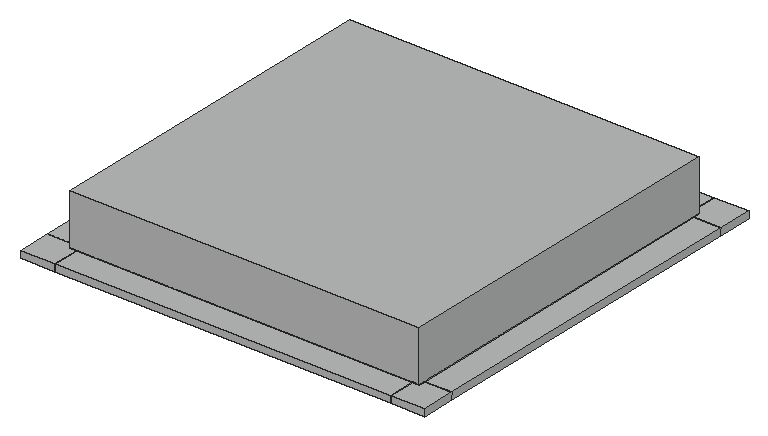
Revit family "ALUMOGIPS", category Осветительные приборы, Revit 2019 (continued)
Types (72, lengths in mm): name | Файл фотометрической сетки | built-in parameter 1150105 | Lumens | built-in parameter 1150106 | built-in parameter 1150142 | Wattage | Emit from Rectangle Width | Emit from Rectangle Length | Длина | Материал светильника | Ширина | ADSK_Ток | ADSK_Полная мощность | ADSK_Обозначение | ADSK_Номинальная мощность | ADSK_Наименование | ADSK_Масса | ADSK_Код изделия
    .493 0.493 0.493 0.395 0.395 0.395 0.395 0.395 0.395 0.395 0.395 0.296 0.296 0.296 0.296 0.296 0.296 0.296 0.296 0.197 \r\n0.197 0.197 0.197 0.197 0.197 0.197 0.197 0.098 0.098 0.098 0.098 0.098 0.098 0.098 0.098 0.000 0.000 0.000 0.000 \r\n1417.637 1417.341 1414.085 1408.658 1400.568 1390.010 1377.085 1361.002 1342.947 1322.522 1300.026 1275.261 1248.621 1220.205 1189.817 1157.849 1124.598 1089.670 \r\n1053.460 1016.065 977.881 938.119 898.060 856.917 815.575 773.149 730.722 687.901 644.390 600.877 557.168 513.262 470.046 426.534 383.121 340.497 298.761 257.814 218.151 179.473 \r\n140.501 105.672 72.816 41.835 13.714 0.592 0.592 0.493 0.493 0.493 0.493 0.493 0.493 0.493 0.493 0.395 0.395 0.395 0.395 0.395 0.395 0.395 0.395 0.296 0.296 0.296 0.296 0.296 0.296 0.296 0.296 0.197 \r\n0.197 0.197 0.197 0.197 0.197 0.197 0.197 0.098 0.098 0.098 0.098 0.098 0.098 0.098 0.098 0.000 0.000 0.000 0.000 \r\n1417.637 1417.439 1414.183 1408.855 1400.765 1390.306 1377.381 1361.397 1343.341 1323.015 1300.520 1275.656 1249.114 1220.699 1190.408 1158.440 1125.190 1090.262 \r\n1054.151 1016.755 978.473 938.809 898.750 857.607 816.266 773.839 731.413 688.592 645.080 601.469 557.859 513.854 470.638 427.126 383.615 340.990 299.254 258.209 218.546 179.770 \r\n140.896 105.967 73.013 42.031 13.912 0.592 0.592 0.493 0.493 0.493 0.493 0.493 0.493 0.493 0.493 0.395 0.395 0.395 0.395 0.395 0.395 0.395 0.395 0.296 0.296 0.296 0.296 0.296 0.296 0.296 0.296 0.197 \r\n0.197 0.197 0.197 0.197 0.197 0.197 0.197 0.098 0.098 0.098 0.098 0.098 0.098 0.098 0.098 0.000 0.000 0.000 0.000 \r\n1417.637 1417.439 1414.282 1408.954 1400.963 1390.603 1377.677 1361.792 1343.735 1323.410 1301.014 1276.149 1249.608 1221.291 1191.000 1159.032 1125.782 1090.953 \r\n1054.841 1017.446 979.164 939.500 899.442 858.298 816.957 774.530 732.103 689.184 645.672 602.160 558.451 514.446 471.230 427.619 384.108 341.484 299.649 258.604 218.940 180.165 \r\n141.191 106.264 73.309 42.229 14.208 0.592 0.592 0.493 0.493 0.493 0.493 0.493 0.493 0.493 0.493 0.395 0.395 0.395 0.395 0.395 0.395 0.395 0.395 0.296 0.296 0.296 0.296 0.296 0.296 0.296 0.296 0.197 \r\n0.197 0.197 0.197 0.197 0.197 0.197 0.197 0.098 0.098 0.098 0.098 0.098 0.098 0.098 0.098 0.000 0.000 0.000 0.000 \r\n1417.637 1417.538 1414.380 1409.152 1401.258 1390.898 1378.072 1362.087 1344.130 1323.805 1301.408 1276.643 1250.200 1221.784 1191.593 1159.625 1126.374 1091.545 \r\n1055.433 1018.137 979.855 940.290 900.133 858.988 817.647 775.221 732.794 689.875 646.362 602.851 559.043 515.137 471.822 428.212 384.700 341.977 300.142 259.097 219.335 180.559 \r\n141.487 106.560 73.506 42.525 14.405 0.592 0.592 0.493 0.493 0.493 0.493 0.493 0.493 0.493 0.493 0.395 0.395 0.395 0.395 0.395 0.395 0.395 0.395 0.296 0.296 0.296 0.296 0.296 0.296 0.296 0.296 0.197 \r\n0.197 0.197 0.197 0.197 0.197 0.197 0.197 0.098 0.098 0.098 0.098 0.098 0.098 0.098 0.098 0.000 0.000 0.000 0.000 \r\n1417.637 1417.538 1414.480 1409.250 1401.456 1391.096 1378.367 1362.482 1344.525 1324.200 1301.902 1277.136 1250.693 1222.376 1192.184 1160.315 1127.064 1092.235 \r\n1056.124 1018.828 980.545 940.980 900.823 859.679 818.338 776.010 733.485 690.565 647.054 603.443 559.734 515.728 472.414 428.705 385.193 342.470 300.537 259.492 219.730 180.856 \r\n141.882 106.855 73.802 42.723 14.602 0.592 0.592 0.493 0.493 0.493 0.493 0.493 0.493 0.493 0.493 0.395 0.395 0.395 0.395 0.395 0.395 0.395 0.395 0.296 0.296 0.296 0.296 0.296 0.296 0.296 0.296 0.197 \r\n0.197 0.197 0.197 0.197 0.197 0.197 0.197 0.098 0.098 0.098 0.098 0.098 0.098 0.098 0.098 0.000 0.000 0.000 0.000 \r\n1417.637 1417.637 1414.578 1409.447 1401.653 1391.391 1378.663 1362.877 1344.920 1324.693 1302.395 1277.630 1251.187 1222.968 1192.678 1160.908 1127.657 1092.827 \r\n1056.814 1019.419 981.236 941.671 901.514 860.369 819.028 776.701 734.175 691.256 647.645 604.133 560.326 516.320 473.006 429.297 385.785 342.963 301.030 259.887 220.125 181.249 \r\n142.178 107.152 74.099 42.920 14.800 0.592 0.592 0.493 0.493 0.493 0.493 0.493 0.493 0.493 0.493 0.395 0.395 0.395 0.395 0.395 0.395 0.395 0.395 0.296 0.296 0.296 0.296 0.296 0.296 0.296 0.296 0.197 \r\n0.197 0.197 0.197 0.197 0.197 0.197 0.197 0.098 0.098 0.098 0.098 0.098 0.098 0.098 0.098 0.000 0.000 0.000 0.000 \r\n1417.637 1417.637 1414.677 1409.645 1401.851 1391.688 1378.960 1363.173 1345.314 1325.088 1302.790 1278.123 1251.680 1223.461 1193.269 1161.499 1128.249 1093.518 \r\n1057.406 1020.110 981.926 942.361 902.204 861.159 819.719 777.391 734.867 691.946 648.335 604.726 561.017 516.913 473.598 429.888 386.279 343.458 301.524 260.380 220.519 181.644 \r\n142.474 107.448 74.296 43.216 15.096 0.592 0.592 0.493 0.493 0.493 0.493 0.493 0.493 0.493 0.493 0.395 0.395 0.395 0.395 0.395 0.395 0.395 0.395 0.296 0.296 0.296 0.296 0.296 0.296 0.296 0.296 0.197 \r\n0.197 0.197 0.197 0.197 0.197 0.197 0.197 0.098 0.098 0.098 0.098 0.098 0.098 0.098 0.098 0.000 0.000 0.000 0.000 \r\n1417.637 1417.736 1414.775 1409.743 1402.146 1391.984 1379.355 1363.568 1345.709 1325.482 1303.283 1278.616 1252.272 1224.054 1193.862 1162.091 1128.940 1094.110 \r\n1058.097 1020.801 982.617 943.052 902.994 861.850 820.410 778.082 735.458 692.637 649.027 605.416 561.608 517.504 474.190 430.383 386.772 343.951 301.918 260.775 220.913 181.941 \r\n142.770 107.743 74.592 43.413 15.293 0.592 0.592 0.493 0.493 0.493 0.493 0.493 0.493 0.493 0.493 0.395 0.395 0.395 0.395 0.395 0.395 0.395 0.395 0.296 0.296 0.296 0.296 0.296 0.296 0.296 0.296 0.197 \r\n0.197 0.197 0.197 0.197 0.197 0.197 0.197 0.098 0.098 0.098 0.098 0.098 0.098 0.098 0.098 0.000 0.000 0.000 0.000 \r\n1417.637 1417.736 1414.874 1409.940 1402.344 1392.181 1379.650 1363.962 1346.104 1325.877 1303.776 1279.109 1252.766 1224.547 1194.454 1162.782 1129.531 1094.702 \r\n1058.788 1021.492 983.308 943.742 903.684 862.540 821.100 778.773 736.148 693.327 649.618 606.107 562.298 518.096 474.782 430.974 387.364 344.444 302.412 261.170 221.308 182.335 \r\n143.165 108.040 74.789 43.611 15.490 0.592 0.592 0.493 0.493 0.493 0.493 0.493 0.493 0.493 0.493 0.395 0.395 0.395 0.395 0.395 0.395 0.395 0.395 0.296 0.296 0.296 0.296 0.296 0.296 0.296 0.296 0.197 \r\n0.197 0.197 0.197 0.197 0.197 0.197 0.197 0.098 0.098 0.098 0.098 0.098 0.098 0.098 0.098 0.000 0.000 0.000 0.000 \r\n1417.637 1417.834 1414.973 1410.138 1402.541 1392.477 1379.946 1364.258 1346.499 1326.272 1304.171 1279.603 1253.259 1225.139 1195.045 1163.374 1130.123 1095.393 \r\n1059.478 1022.183 983.999 944.433 904.375 863.231 821.792 779.464 736.840 693.920 650.309 606.699 562.891 518.787 475.374 431.566 387.857 344.937 302.906 261.663 221.703 182.730 \r\n143.461 108.237 75.085 43.906 15.688 0.592 0.592 0.493 0.493 0.493 0.493 0.493 0.493 0.493 0.493 0.395 0.395 0.395 0.395 0.395 0.395 0.395 0.395 0.296 0.296 0.296 0.296 0.296 0.296 0.296 0.296 0.197 \r\n0.197 0.197 0.197 0.197 0.197 0.197 0.197 0.098 0.098 0.098 0.098 0.098 0.098 0.098 0.098 0.000 0.000 0.000 0.000 \r\n1417.637 1417.834 1415.071 1410.237 1402.837 1392.772 1380.243 1364.653 1346.892 1326.765 1304.664 1280.096 1253.752 1225.730 1195.638 1163.965 1130.814 1095.984 \r\n1060.071 1022.873 984.689 945.124 905.066 863.922 822.482 780.154 737.531 694.610 651.000 607.390 563.581 519.379 475.966 432.059 388.350 345.431 303.300 262.058 222.098 183.026 \r\n143.757 108.533 75.282 44.104 15.983 0.592 0.592 0.493 0.493 0.493 0.493 0.493 0.493 0.493 0.493 0.395 0.395 0.395 0.395 0.395 0.395 0.395 0.395 0.296 0.296 0.296 0.296 0.296 0.296 0.296 0.296 0.197 \r\n0.197 0.197 0.197 0.197 0.197 0.197 0.197 0.098 0.098 0.098 0.098 0.098 0.098 0.098 0.098 0.000 0.000 0.000 0.000 \r\n1417.637 1417.932 1415.170 1410.434 1403.034 1393.069 1380.636 1365.048 1347.287 1327.160 1305.157 1280.589 1254.344 1226.225 1196.230 1164.558 1131.406 1096.675 \r\n1060.761 1023.564 985.380 945.815 905.756 864.613 823.173 780.845 738.221 695.301 651.592 608.080 564.174 519.971 476.558 432.652 388.943 345.924 303.794 262.453 222.492 183.420 \r\n144.151 108.829 75.579 44.301 16.181 0.592 0.592 0.493 0.493 0.493 0.493 0.493 0.493 0.493 0.493 0.395 0.395 0.395 0.395 0.395 0.395 0.395 0.395 0.296 0.296 0.296 0.296 0.296 0.296 0.296 0.296 0.197 \r\n0.197 0.197 0.197 0.197 0.197 0.197 0.197 0.098 0.098 0.098 0.098 0.098 0.098 0.098 0.098 0.000 0.000 0.000 0.000 \r\n1417.637 1417.932 1415.268 1410.533 1403.232 1393.365 1380.933 1365.443 1347.682 1327.555 1305.552 1281.082 1254.837 1226.816 1196.821 1165.150 1131.998 1097.267 \r\n1061.452 1024.254 986.070 946.506 906.447 865.401 823.863 781.535 738.912 695.991 652.282 608.672 564.864 520.563 477.150 433.145 389.436 346.417 304.287 262.946 222.887 183.815 \r\n144.448 109.125 75.874 44.597 16.378 0.592 0.592 0.493 0.493 0.493 0.493 0.493 0.493 0.493 0.493 0.395 0.395 0.395 0.395 0.395 0.395 0.395 0.395 0.296 0.296 0.296 0.296 0.296 0.296 0.296 0.296 0.197 \r\n0.197 0.197 0.197 0.197 0.197 0.197 0.197 0.098 0.098 0.098 0.098 0.098 0.098 0.098 0.098 0.000 0.000 0.000 0.000 \r\n1417.637 1418.031 1415.368 1410.730 1403.527 1393.562 1381.229 1365.738 1348.077 1327.949 1306.045 1281.575 1255.331 1227.310 1197.414 1165.841 1132.689 1097.958 \r\n1062.043 1024.846 986.761 947.196 907.137 866.092 824.554 782.226 739.602 696.683 652.973 609.363 565.456 521.155 477.742 433.737 390.028 346.910 304.681 263.341 223.282 184.111 \r\n144.743 109.421 76.072 44.794 16.576 0.592 0.592 0.493 0.493 0.493 0.493 0.493 0.493 0.493 0.493 0.395 0.395 0.395 0.395 0.395 0.395 0.395 0.395 0.296 0.296 0.296 0.296 0.296 0.296 0.296 0.296 0.197 \r\n0.197 0.197 0.197 0.197 0.197 0.197 0.197 0.098 0.098 0.098 0.098 0.098 0.098 0.098 0.098 0.000 0.000 0.000 0.000 \r\n1417.637 1418.031 1415.466 1410.928 1403.725 1393.858 1381.524 1366.133 1348.472 1328.443 1306.440 1282.070 1255.824 1227.901 1198.006 1166.433 1133.280 1098.550 \r\n1062.735 1025.537 987.451 947.887 907.829 866.784 825.244 782.916 740.293 697.373 653.565 610.053 566.147 521.747 478.334 434.328 390.521 347.404 305.175 263.735 223.677 184.506 \r\n145.039 109.717 76.368 44.992 16.871 0.592 0.592 0.493 0.493 0.493 0.493 0.493 0.493 0.493 0.493 0.395 0.395 0.395 0.395 0.395 0.395 0.395 0.395 0.296 0.296 0.296 0.296 0.296 0.296 0.296 0.296 0.197 \r\n0.197 0.197 0.197 0.197 0.197 0.197 0.197 0.098 0.098 0.098 0.098 0.098 0.098 0.098 0.098 0.000 0.000 0.000 0.000 \r\n1417.637 1418.130 1415.565 1411.026 1403.922 1394.154 1381.919 1366.527 1348.866 1328.837 1306.933 1282.563 1256.416 1228.494 1198.597 1167.024 1133.873 1099.241 \r\n1063.425 1026.228 988.143 948.676 908.519 867.474 825.935 783.608 740.983 698.064 654.256 610.646 566.739 522.438 478.926 434.822 391.014 347.897 305.569 264.229 224.072 184.901 \r\n145.434 110.013 76.565 45.288 17.069 0.592 0.592 0.493 0.493 0.493 0.493 0.493 0.493 0.493 0.493 0.395 0.395 0.395 0.395 0.395 0.395 0.395 0.395 0.296 0.296 0.296 0.296 0.296 0.296 0.296 0.296 0.197 \r\n0.197 0.197 0.197 0.197 0.197 0.197 0.197 0.098 0.098 0.098 0.098 0.098 0.098 0.098 0.098 0.000 0.000 0.000 0.000 \r\n1417.637 1418.130 1415.762 1411.223 1404.218 1394.450 1382.216 1366.824 1349.261 1329.231 1307.427 1283.056 1256.910 1228.987 1199.190 1167.616 1134.563 1099.833 \r\n1064.016 1026.918 988.833 949.367 909.308 868.165 826.625 784.298 741.674 698.656 654.946 611.336 567.430 523.030 479.518 435.414 391.606 348.391 306.063 264.623 224.465 185.196 \r\n145.730 110.309 76.861 45.485 17.266 0.592 0.592 0.493 0.493 0.493 0.493 0.493 0.493 0.493 0.493 0.395 0.395 0.395 0.395 0.395 0.395 0.395 0.395 0.296 0.296 0.296 0.296 0.296 0.296 0.296 0.296 0.197 \r\n0.197 0.197 0.197 0.197 0.197 0.197 0.197 0.098 0.098 0.098 0.098 0.098 0.098 0.098 0.098 0.000 0.000 0.000 0.000 \r\n1417.637 1418.229 1415.861 1411.421 1404.415 1394.746 1382.512 1367.219 1349.656 1329.626 1307.821 1283.549 1257.403 1229.579 1199.782 1168.209 1135.155 1100.523 \r\n1064.708 1027.609 989.425 950.057 909.998 868.855 827.317 784.989 742.365 699.347 655.538 611.928 568.021 523.622 480.110 436.006 392.100 348.884 306.556 265.017 224.860 185.591 \r\n146.026 110.605 77.157 45.781 17.464 0.592 0.592 0.493 0.493 0.493 0.493 0.493 0.493 0.493 0.493 0.395 0.395 0.395 0.395 0.395 0.395 0.395 0.395 0.296 0.296 0.296 0.296 0.296 0.296 0.296 0.296 0.197 \r\n0.197 0.197 0.197 0.197 0.197 0.197 0.197 0.098 0.098 0.098 0.098 0.098 0.098 0.098 0.098 0.000 0.000 0.000 0.000 \r\n1417.637 1418.229 1415.960 1411.519 1404.613 1394.943 1382.807 1367.612 1350.051 1330.119 1308.315 1284.043 1257.896 1230.072 1200.275 1168.899 1135.748 1101.116 \r\n1065.398 1028.300 990.115 950.748 910.689 869.644 828.007 785.679 743.056 700.037 656.229 612.619 568.713 524.214 480.702 436.499 392.593 349.377 306.951 265.511 225.255 185.986 \r\n146.421 110.901 77.355 45.978 17.759 0.592 0.592 0.493 0.493 0.493 0.493 0.493 0.493 0.493 0.493 0.395 0.395 0.395 0.395 0.395 0.395 0.395 0.395 0.296 0.296 0.296 0.296 0.296 0.296 0.296 0.296 0.197 \r\n0.197 0.197 0.197 0.197 0.197 0.197 0.197 0.098 0.098 0.098 0.098 0.098 0.098 0.098 0.098 0.000 0.000 0.000 0.000 \r\n1417.637 1418.327 1416.058 1411.716 1404.810 1395.240 1383.202 1367.909 1350.445 1330.514 1308.808 1284.536 1258.488 1230.664 1200.867 1169.491 1136.339 1101.806 \r\n1066.089 1028.991 990.807 951.438 911.381 870.335 828.698 786.370 743.746 700.728 656.920 613.310 569.304 524.806 481.294 437.091 393.185 349.871 307.444 265.905 225.650 186.381 \r\n146.717 111.197 77.650 46.176 17.957 0.592 0.592 0.493 0.493 0.493 0.493 0.493 0.493 0.493 0.493 0.395 0.395 0.395 0.395 0.395 0.395 0.395 0.395 0.296 0.296 0.296 0.296 0.296 0.296 0.296 0.296 0.197 \r\n0.197 0.197 0.197 0.197 0.197 0.197 0.197 0.098 0.098 0.098 0.098 0.098 0.098 0.098 0.098 0.000 0.000 0.000 0.000 \r\n1417.637 1418.327 1416.156 1411.816 1405.106 1395.535 1383.498 1368.304 1350.839 1330.909 1309.203 1285.029 1258.981 1231.256 1201.459 1170.083 1137.030 1102.398 \r\n1066.680 1029.681 991.497 952.129 912.071 871.026 829.388 787.061 744.437 701.418 657.512 613.901 569.995 525.398 481.886 437.585 393.678 350.364 307.938 266.300 226.044 186.676 \r\n147.012 111.493 77.848 46.472 18.154 0.592 0.592 0.493 0.493 0.493 0.493 0.493 0.493 0.493 0.493 0.395 0.395 0.395 0.395 0.395 0.395 0.395 0.395 0.296 0.296 0.296 0.296 0.296 0.296 0.296 0.296 0.197 \r\n0.197 0.197 0.197 0.197 0.197 0.197 0.197 0.098 0.098 0.098 0.098 0.098 0.098 0.098 0.098 0.000 0.000 0.000 0.000 \r\n1417.637 1418.426 1416.255 1412.013 1405.303 1395.831 1383.794 1368.698 1351.234 1331.304 1309.696 1285.522 1259.474 1231.750 1202.051 1170.675 1137.622 1103.089 \r\n1067.372 1030.273 992.188 952.820 912.762 871.716 830.079 787.751 745.127 702.109 658.202 614.593 570.587 526.088 482.478 438.177 394.171 350.857 308.332 266.793 226.439 187.071 \r\n147.309 111.690 78.144 46.670 18.451 0.592 0.592 0.493 0.493 0.493 0.493 0.493 0.493 0.493 0.493 0.395 0.395 0.395 0.395 0.395 0.395 0.395 0.395 0.296 0.296 0.296 0.296 0.296 0.296 0.296 0.296 0.197 \r\n0.197 0.197 0.197 0.197 0.197 0.197 0.197 0.098 0.098 0.098 0.098 0.098 0.098 0.098 0.098 0.000 0.000 0.000 0.000 \r\n1417.637 1418.426 1416.354 1412.211 1405.501 1396.029 1384.090 1369.093 1351.629 1331.797 1310.189 1286.016 1259.968 1232.341 1202.643 1171.366 1138.214 1103.680 \r\n1068.062 1030.964 992.878 953.511 913.452 872.407 830.770 788.442 745.818 702.799 658.893 615.283 571.179 526.680 483.070 438.769 394.763 351.350 308.826 267.188 226.834 187.466 \r\n147.703 111.987 78.440 46.866 18.648 0.592 0.592 0.493 0.493 0.493 0.493 0.493 0.493 0.493 0.493 0.395 0.395 0.395 0.395 0.395 0.395 0.395 0.395 0.296 0.296 0.296 0.296 0.296 0.296 0.296 0.296 0.197 \r\n0.197 0.197 0.197 0.197 0.197 0.197 0.197 0.098 0.098 0.098 0.098 0.098 0.098 0.098 0.098 0.000 0.000 0.000 0.000 \r\n1417.637 1418.525 1416.453 1412.309 1405.796 1396.325 1384.485 1369.388 1352.024 1332.192 1310.584 1286.509 1260.560 1232.835 1203.235 1171.958 1138.905 1104.371 \r\n1068.654 1031.655 993.569 954.202 914.143 873.098 831.460 789.133 746.410 703.392 659.485 615.874 571.870 527.273 483.662 439.262 395.257 351.844 309.319 267.583 227.229 187.762 \r\n148.000 112.282 78.637 47.163 18.845 0.592 0.592 0.493 0.493 0.493 0.493 0.493 0.493 0.493 0.493 0.395 0.395 0.395 0.395 0.395 0.395 0.395 0.395 0.296 0.296 0.296 0.296 0.296 0.296 0.296 0.296 0.197 \r\n0.197 0.197 0.1
